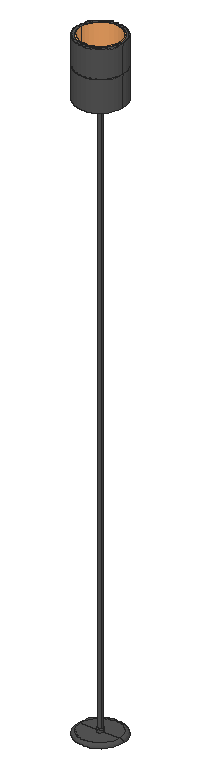
Revit family "MELO CYLINDER PENDANT LIGHT", category Lighting Fixtures, host Face, Revit 2020 (continued)
Types (16): name | Wattage_Input | Wattage Comments | Wattage | Voltage_Input | Size 08 | Size 06 | Size 04 | Selectable Wattage | Photometric Web File | Pendent Rod Length_1 | Pendent | Order number | built-in parameter 1150142 | Model | built-in parameter 1150105 | Lumens | built-in parameter 1150106 | Fixture Diameter | Canopy for Surface Mount J-box | Canopy for Recessed J-Box | Canopy Height | C2 H | C1 H | BEAMING ANGLE
     0.03     0.03     \r\n 0.03     0.03     0.03     0.03     0.03     0.03     0.03     0.03     0.06     0.07     \r\n 0.07     0.07     0.07     0.09     0.08     0.08     0.08     0.08     0.08     0.08     \r\n 0.08     0.08     0.10     0.10     0.12     0.17     0.16     0.16     0.17     0.20     \r\n 0.21     0.24     0.29     0.32     0.37     0.44     0.47     0.53     0.62     0.73     \r\n 0.81     0.91     1.03     1.20     1.31     1.48     1.63     1.78     1.97     2.16     \r\n 2.36     2.59     2.81     3.03     3.27     3.51     3.77     4.00     4.22     4.47     \r\n 4.72     4.95     5.20     5.41     5.63     5.86     6.08     6.29     6.48     6.70     \r\n 6.90     7.09     7.28     7.44     7.59     7.73     7.87     7.97     8.06     8.11     \r\n 8.15     \r\n4490.57  4498.02  4496.02  4484.53  4460.76  4425.12  4374.81  4308.79  4218.59  4113.49  \r\n 3993.63  3849.77  3692.78  3532.37  3359.33  3185.24  3000.29  2796.28  2581.28  2360.39  \r\n 2134.42  1922.59  1721.37  1529.06  1355.91  1194.00  1050.55  918.63   804.78   703.83   \r\n 615.94   537.70   467.05   402.53   345.68   294.11   242.61   198.35   156.97   123.89   \r\n 99.04    82.80    70.66    59.95    48.20    40.46    34.44    29.54    26.29    25.44    \r\n 24.69    24.02    23.26    22.45    21.53    20.73    19.87    19.03    18.15    17.35    \r\n 16.59    15.82    15.06    14.30    13.56    12.83    12.11    11.41    10.73    10.06    \r\n 9.40     8.76     8.12     7.50     6.90     6.32     5.75     5.18     4.65     4.11     \r\n 3.59     3.09     2.60     2.12     1.66     1.22     0.79     0.37     0.06     0.01     \r\n 0.01     0.01     0.01     0.03     0.02     0.02     0.03     0.04     0.04     0.05     \r\n 0.04     0.04     0.04     0.04     0.05     0.05     0.06     0.06     0.07     0.07     \r\n 0.07     0.08     0.08     0.08     0.09     0.09     0.09     0.09     0.09     0.11     \r\n 0.11     0.12     0.13     0.14     0.15     0.16     0.18     0.20     0.21     0.23     \r\n 0.26     0.29     0.33     0.36     0.41     0.46     0.52     0.59     0.66     0.75     \r\n 0.85     0.95     1.08     1.20     1.35     1.50     1.67     1.83     2.01     2.21     \r\n 2.42     2.64     2.86     3.08     3.31     3.55     3.80     4.04     4.29     4.56     \r\n 4.81     5.02     5.23     5.46     5.68     5.90     6.12     6.34     6.54     6.75     \r\n 6.96     7.16     7.35     7.52     7.69     7.84     7.97     8.08     8.17     8.21     \r\n 8.15     \r\n4490.57  4494.89  4489.76  4474.23  4446.88  4404.06  4347.90  4271.92  4181.23  4067.90  \r\n 3944.05  3798.06  3636.40  3468.51  3291.19  3105.80  2908.69  2700.18  2478.91  2253.30  \r\n 2038.42  1826.94  1636.11  1448.28  1287.40  1126.74  993.54   866.09   761.74   662.16   \r\n 579.62   506.41   439.09   377.88   322.03   273.81   224.94   184.39   147.89   111.42   \r\n 93.07    77.51    67.05    55.83    44.72    38.31    32.62    28.41    26.19    25.32    \r\n 24.47    23.70    22.90    22.16    21.45    20.50    19.59    18.67    17.85    17.04    \r\n 16.30    15.46    14.73    14.03    13.25    12.57    11.79    11.14    10.49    9.83     \r\n 9.15     8.51     7.91     7.29     6.70     6.11     5.57     5.00     4.48     3.89     \r\n 3.40     2.94     2.44     1.96     1.47     1.06     0.65     0.26     0.05     0.03     \r\n 0.02     0.02     0.02     0.02     0.02     0.02     0.02     0.02     0.02     0.02     \r\n 0.02     0.02     0.02     0.02     0.02     0.02     0.02     0.02     0.02     0.02     \r\n 0.04     0.06     0.06     0.07     0.07     0.07     0.07     0.07     0.07     0.07     \r\n 0.07     0.08     0.09     0.10     0.15     0.16     0.16     0.16     0.19     0.22     \r\n 0.23     0.30     0.31     0.34     0.38     0.44     0.51     0.58     0.66     0.74     \r\n 0.84     0.95     1.09     1.22     1.37     1.54     1.69     1.87     2.06     2.26     \r\n 2.47     2.69     2.91     3.14     3.37     3.66     3.97     4.19     4.39     4.61     \r\n 4.80     5.04     5.27     5.49     5.72     5.92     6.16     6.35     6.56     6.77     \r\n 6.97     7.16     7.35     7.52     7.68     7.82     7.96     8.06     8.14     8.21     \r\n 8.15     \r\n4490.57  4491.88  4483.74  4467.47  4436.53  4391.83  4331.06  4256.47  4162.33  4049.49  \r\n 3921.97  3779.26  3618.12  3441.90  3258.11  3066.24  2874.10  2660.83  2440.92  2221.37  \r\n 2004.75  1798.81  1606.57  1420.08  1257.09  1103.02  968.26   845.43   739.29   646.38   \r\n 564.32   492.58   426.46   367.17   313.84   265.39   217.03   176.21   139.37   111.27   \r\n 91.15    77.11    66.12    55.12    44.81    37.83    32.57    28.22    26.21    25.37    \r\n 24.57    23.80    22.99    22.15    21.40    20.50    19.67    18.74    17.93    17.14    \r\n 16.36    15.60    14.84    14.09    13.36    12.63    11.91    11.22    10.54    9.88     \r\n 9.21     8.58     7.94     7.32     6.72     6.14     5.58     5.01     4.47     3.93     \r\n 3.42     2.91     2.42     1.93     1.48     1.04     0.61     0.21     0.02     0.02     \r\n 0.02     0.02     0.02     0.03     0.03     0.03     0.03     0.04     0.04     0.04     \r\n 0.04     0.04     0.04     0.05     0.05     0.06     0.06     0.06     0.07     0.07     \r\n 0.07     0.08     0.08     0.09     0.10     0.11     0.10     0.10     0.11     0.11     \r\n 0.11     0.12     0.13     0.14     0.15     0.17     0.18     0.20     0.22     0.24     \r\n 0.28     0.30     0.34     0.38     0.43     0.48     0.55     0.62     0.70     0.79     \r\n 0.89     1.01     1.13     1.26     1.42     1.58     1.74     1.92     2.11     2.31     \r\n 2.52     2.74     2.96     3.19     3.42     3.69     3.90     4.14     4.38     4.63     \r\n 4.87     5.11     5.33     5.56     5.78     6.00     6.23     6.44     6.64     6.83     \r\n 7.02     7.20     7.39     7.56     7.72     7.86     7.98     8.09     8.17     8.21     \r\n 8.15     \r\n4490.57  4488.28  4474.15  4450.52  4416.94  4361.78  4305.38  4207.64  4121.26  3990.35  \r\n 3857.15  3715.95  3530.49  3366.76  3168.40  2983.89  2772.29  2553.81  2357.34  2130.08  \r\n 1932.13  1707.66  1519.62  1357.82  1196.24  1053.34  917.23   804.74   700.12   611.19   \r\n 530.26   465.33   400.04   346.48   291.50   245.43   204.45   164.64   133.79   103.01   \r\n 88.09    73.82    63.67    52.72    43.05    36.81    31.61    27.71    26.16    25.37    \r\n 24.58    23.80    22.96    22.18    21.24    20.51    19.64    18.72    17.93    17.13    \r\n 16.37    15.57    14.83    14.07    13.35    12.60    11.86    11.21    10.53    9.88     \r\n 9.16     8.51     7.93     7.31     6.70     6.12     5.56     4.98     4.43     3.87     \r\n 3.37     2.86     2.37     1.87     1.39     1.01     0.52     0.17     0.04     0.03     \r\n 0.03     0.03     0.03     0.03     0.03     0.03     0.03     0.03     0.03     0.03     \r\n 0.03     0.03     0.03     0.03     0.03     0.03     0.03     0.03     0.04     0.05     \r\n 0.05     0.05     0.06     0.06     0.07     0.07     0.07     0.07     0.07     0.07     \r\n 0.07     0.08     0.10     0.10     0.13     0.14     0.15     0.16     0.20     0.23     \r\n 0.24     0.28     0.30     0.38     0.41     0.46     0.54     0.61     0.69     0.84     \r\n 0.91     1.03     1.16     1.32     1.46     1.60     1.79     1.95     2.16     2.38     \r\n 2.58     2.79     3.05     3.26     3.50     3.74     3.98     4.23     4.47     4.69     \r\n 4.94     5.17     5.39     5.61     5.84     6.06     6.29     6.48     6.72     6.88     \r\n 7.07     7.24     7.41     7.56     7.70     7.84     7.98     8.07     8.13     8.16     \r\n 8.15     \r\n4490.57  4484.77  4469.49  4445.61  4407.99  4357.94  4288.04  4204.80  4103.36  3982.23  \r\n 3845.00  3694.47  3529.64  3345.05  3155.06  2964.94  2765.33  2558.72  2346.09  2131.60  \r\n 1918.84  1716.60  1530.13  1350.71  1190.04  1038.69  908.86   790.34   689.13   599.99   \r\n 523.73   457.15   395.64   340.32   291.63   243.02   201.58   164.01   131.12   106.13   \r\n 88.35    75.01    64.69    53.82    44.32    37.62    32.40    28.32    26.53    25.78    \r\n 25.05    24.27    23.42    22.69    21.90    20.86    20.01    19.09    18.29    17.48    \r\n 16.70    15.93    15.15    14.40    13.65    12.91    12.19    11.47    10.79    10.11    \r\n 9.44     8.80     8.14     7.51     6.89     6.30     5.72     5.14     4.58     4.03     \r\n 3.50     2.97     2.47     1.97     1.51     1.05     0.59     0.19     0.02     0.02     \r\n 0.02     0.02     0.02     0.02     0.02     0.02     0.03     0.03     0.04     0.04     \r\n 0.04     0.05     0.05     0.05     0.05     0.05     0.05     0.06     0.06     0.07     \r\n 0.07     0.07     0.07     0.07     0.08     0.09     0.09     0.10     0.10     0.11     \r\n 0.11     0.13     0.14     0.14     0.15     0.18     0.18     0.20     0.23     0.25     \r\n 0.29     0.31     0.36     0.40     0.45     0.51     0.58     0.65     0.73     0.84     \r\n 0.94     1.06     1.20     1.34     1.49     1.66     1.83     2.01     2.21     2.42     \r\n 2.63     2.85     3.09     3.31     3.56     3.80     4.04     4.30     4.53     4.78     \r\n 5.01     5.25     5.48     5.71     5.93     6.14     6.35     6.55     6.76     6.96     \r\n 7.15     7.32     7.48     7.63     7.77     7.90     8.00     8.08     8.13     8.16     \r\n 8.15     \r\n4490.57  4482.54  4459.85  4430.45  4390.15  4327.31  4266.48  4159.56  4070.08  3927.10  \r\n 3792.58  3635.54  3455.68  3291.66  3079.21  2904.58  2687.91  2481.16  2294.27  2060.04  \r\n 1875.26  1650.92  1478.03  1310.58  1143.18  1008.53  869.60   758.64   666.03   576.16   \r\n 502.62   441.97   379.08   329.73   277.23   233.85   198.08   160.07   130.85   101.70   \r\n 86.72    73.57    63.78    53.92    44.10    37.87    32.52    28.58    26.59    25.72    \r\n 24.99    24.25    23.51    22.83    22.01    21.13    20.26    19.33    18.49    17.71    \r\n 16.93    16.11    15.36    14.60    13.84    13.10    12.32    11.64    10.97    10.30    \r\n 9.58     8.88     8.28     7.64     7.02     6.42     5.83     5.24     4.68     4.10     \r\n 3.59     3.04     2.54     2.01     1.52     1.10     0.62     0.22     0.05     0.04     \r\n 0.03     0.03     0.03     0.03     0.03     0.03     0.03     0.03     0.03     0.03     \r\n 0.03     0.03     0.04     0.04     0.04     0.04     0.04     0.04     0.04     0.04     \r\n 0.04     0.05     0.05     0.07     0.07     0.07     0.07     0.07     0.08     0.08     \r\n 0.08     0.08     0.10     0.16     0.16     0.15     0.15     0.16     0.23     0.23     \r\n 0.24     0.29     0.32     0.37     0.44     0.50     0.56     0.64     0.75     0.82     \r\n 0.93     1.06     1.19     1.34     1.50     1.65     1.86     2.03     2.25     2.46     \r\n 2.68     2.92     3.11     3.36     3.59     3.83     4.09     4.32     4.57     4.81     \r\n 5.08     5.29     5.52     5.74     5.97     6.19     6.38     6.58     6.79     6.99     \r\n 7.17     7.36     7.53     7.67     7.78     7.93     7.99     8.06     8.11     8.16     \r\n 8.15     \r\n4490.57  4477.15  4454.27  4424.65  4381.26  4325.93  4253.08  4168.24  4062.86  3939.58  \r\n 3796.87  3639.44  3468.20  3280.97  3092.71  2904.40  2710.82  2512.66  2310.01  2103.82  \r\n 1895.01  1695.54  1508.54  1328.40  1167.44  1014.36  884.71   765.46   666.49   578.92   \r\n 505.81   440.84   383.27   329.37   283.60   237.91   199.36   164.33   132.58   107.47   \r\n 88.52    75.51    65.49    56.26    46.39    39.73    34.24    29.88    27.09    26.25    \r\n 25.52    24.80    24.01    23.18    22.34    21.62    20.79    19.90    19.02    18.22    \r\n 17.43    16.63    15.87    15.08    14.32    13.56    12.81    12.08    11.36    10.67    \r\n 9.99     9.30     8.63     7.98     7.35     6.72     6.13     5.52     4.95     4.36     \r\n 3.82     3.27     2.75     2.23     1.73     1.26     0.79     0.34     0.03     0.02     \r\n 0.02     0.02     0.03     0.03     0.03     0.03     0.03     0.03     0.03     0.04     \r\n 0.04     0.04     0.04     0.04     0.04     0.05     0.05     0.06     0.06     0.06     \r\n 0.07     0.07     0.07     0.07     0.07     0.08     0.09     0.09     0.10     0.11     \r\n 0.11     0.12     0.13     0.14     0.15     0.18     0.18     0.21     0.22     0.26     \r\n 0.28     0.32     0.36     0.41     0.46     0.52     0.59     0.67     0.75     0.86     \r\n 0.97     1.09     1.22     1.37     1.52     1.70     1.86     2.05     2.25     2.46     \r\n 2.68     2.90     3.13     3.36     3.61     3.85     4.09     4.33     4.57     4.81     \r\n 5.05     5.28     5.51     5.73     5.96     6.18     6.39     6.59     6.79     6.98     \r\n 7.17     7.36     7.52     7.68     7.82     7.94     8.05     8.13     8.16     8.16     \r\n 8.15     \r\n4490.57  4474.93  4446.96  4413.22  4370.00  4307.04  4237.65  4144.15  4041.94  3922.21  \r\n 3769.78  3616.60  3430.38  3244.35  3051.25  2871.79  2669.37  2479.89  2277.82  2079.39  \r\n 1872.99  1677.36  1489.84  1320.71  1151.74  997.15   866.06   748.81   649.86   564.25   \r\n 492.49   428.70   373.63   320.54   275.35   233.72   196.93   163.63   135.50   107.41   \r\n 88.62    75.77    65.81    57.22    47.66    40.64    35.21    30.77    27.65    26.58    \r\n 25.74    25.01    24.23    23.50    22.71    21.92    21.06    20.28    19.39    18.57    \r\n 17.79    16.96    16.16    15.43    14.65    13.86    13.06    12.36    11.67    10.98    \r\n 10.23    9.53     8.90     8.25     7.60     6.95     6.35     5.74     5.15     4.55     \r\n 4.02     3.45     2.94     2.37     1.84     1.40     0.92     0.46     0.11     0.03     \r\n 0.02     0.02     0.02     0.02     0.02     0.02     0.02     0.02     0.02     0.02     \r\n 0.02     0.02     0.02     0.02     0.02     0.02     0.02     0.02     0.02     0.02     \r\n 0.03     0.04     0.08     0.08     0.08     0.08     0.08     0.08     0.08     0.08     \r\n 0.08     0.08     0.08     0.09     0.11     0.14     0.15     0.16     0.20     0.22     \r\n 0.25     0.31     0.33     0.38     0.43     0.50     0.61     0.68     0.76     0.83     \r\n 0.96     1.07     1.21     1.35     1.52     1.67     1.86     2.06     2.26     2.47     \r\n 2.69     2.92     3.14     3.39     3.63     3.89     4.10     4.34     4.58     4.81     \r\n 5.06     5.27     5.49     5.70     5.93     6.14     6.36     6.53     6.74     6.92     \r\n 7.11     7.29     7.44     7.61     7.74     7.86     8.00     8.07     8.12     8.15     \r\n 8.15     \r\n4490.57  4472.38  4445.18  4410.79  4365.91  4308.20  4239.04  4156.97  4057.13  3938.44  \r\n 3799.80  3644.88  3465.33  3271.75  3085.25  2898.73  2710.33  2518.30  2322.02  2120.78  \r\n 1915.76  1714.14  1523.92  1338.71  1171.55  1014.25  878.71   760.04   659.14   570.90   \r\n 498.50   434.19   378.25   326.33   282.07   237.90   201.09   168.88   138.71   113.68   \r\n 93.12    79.20    68.71    60.28    51.30    43.10    37.16    32.47    28.62    26.95    \r\n 26.14    25.43    24.71    23.94    23.19    22.43    21.69    20.88    20.03    19.17    \r\n 18.38    17.57    16.77    16.00    15.21    14.43    13.66    12.92    12.18    11.45    \r\n 10.74    10.06    9.35     8.69     8.01     7.38     6.74     6.13     5.52     4.92     \r\n 4.34     3.78     3.23     2.68     2.16     1.65     1.16     0.68     0.22     0.02     \r\n 0.02     0.02     0.02     0.02     0.02     0.02     0.04     0.03     0.04     0.04     \r\n 0.04     0.04     0.04     0.04     0.04     0.05     0.06     0.06     0.06     0.06     \r\n 0.07     0.07     0.07     0.07     0.08     0.08     0.08     0.09     0.09     0.10     \r\n 0.11     0.11     0.13     0.13     0.15     0.15     0.18     0.20     0.22     0.25     \r\n 0.28     0.32     0.35     0.41     0.46     0.53     0.58     0.67     0.76     0.85     \r\n 0.97     1.09     1.22     1.36     1.52     1.69     1.86     2.05     2.25     2.46     \r\n 2.68     2.90     3.14     3.37     3.63     3.86     4.11     4.35     4.61     4.83     \r\n 5.07     5.30     5.52     5.72     5.92     6.13     6.33     6.52     6.71     6.90     \r\n 7.08     7.27     7.44     7.59     7.72     7.85     7.97     8.05     8.10     8.13     \r\n 8.15     \r\n4490.57  4468.76  4440.70  4402.67  4357.47  4300.08  4232
    .54  4148.38  4054.15  3932.93  \r\n 3798.71  3636.98  3451.40  3258.06  3073.16  2888.81  2700.24  2511.61  2315.42  2114.44  \r\n 1912.94  1708.14  1517.47  1340.46  1163.56  1005.43  873.22   753.41   654.46   567.21   \r\n 495.75   430.91   375.66   324.75   279.07   239.12   203.23   171.32   143.57   115.85   \r\n 95.33    80.69    69.98    61.72    53.40    44.60    38.59    33.59    29.43    27.20    \r\n 26.29    25.51    24.80    24.11    23.47    22.81    22.06    21.25    20.45    19.57    \r\n 18.76    17.92    17.13    16.34    15.57    14.77    13.96    13.23    12.52    11.80    \r\n 11.05    10.33    9.67     8.98     8.32     7.65     7.03     6.39     5.79     5.13     \r\n 4.54     4.02     3.45     2.89     2.31     1.81     1.36     0.85     0.38     0.07     \r\n 0.04     0.03     0.03     0.03     0.03     0.02     0.02     0.02     0.02     0.02     \r\n 0.02     0.02     0.02     0.02     0.02     0.02     0.02     0.02     0.02     0.02     \r\n 0.03     0.03     0.04     0.05     0.06     0.07     0.09     0.09     0.09     0.09     \r\n 0.09     0.09     0.09     0.09     0.12     0.15     0.15     0.15     0.17     0.23     \r\n 0.24     0.31     0.31     0.37     0.43     0.47     0.55     0.63     0.74     0.82     \r\n 0.93     1.05     1.19     1.35     1.50     1.66     1.85     2.03     2.24     2.45     \r\n 2.65     2.89     3.12     3.36     3.59     3.86     4.10     4.34     4.58     4.82     \r\n 5.07     5.30     5.51     5.73     5.95     6.15     6.35     6.52     6.70     6.88     \r\n 7.05     7.23     7.38     7.53     7.66     7.79     7.94     8.03     8.12     8.11     \r\n 8.15     \r\n4490.57  4470.40  4439.85  4401.27  4358.39  4303.49  4236.20  4158.98  4067.20  3952.86  \r\n 3818.68  3645.58  3465.03  3293.27  3101.54  2925.94  2740.27  2559.11  2363.11  2164.13  \r\n 1958.59  1755.30  1556.24  1376.47  1196.93  1038.60  897.24   776.00   670.88   581.89   \r\n 507.48   442.66   385.05   335.77   288.82   247.97   211.65   179.44   149.98   123.26   \r\n 101.53   85.51    73.65    64.93    56.75    47.78    41.36    35.82    31.22    28.00    \r\n 26.94    26.17    25.46    24.68    23.91    23.24    22.62    21.90    21.13    20.25    \r\n 19.43    18.62    17.81    17.00    16.18    15.40    14.62    13.84    13.09    12.33    \r\n 11.58    10.86    10.16    9.46     8.80     8.13     7.46     6.80     6.17     5.56     \r\n 4.95     4.35     3.78     3.21     2.66     2.12     1.61     1.09     0.60     0.17     \r\n 0.04     0.04     0.04     0.03     0.03     0.03     0.03     0.03     0.03     0.03     \r\n 0.03     0.03     0.03     0.03     0.03     0.03     0.03     0.03     0.03     0.03     \r\n 0.04     0.08     0.09     0.08     0.08     0.08     0.08     0.08     0.08     0.08     \r\n 0.08     0.08     0.08     0.09     0.11     0.16     0.15     0.15     0.17     0.22     \r\n 0.24     0.26     0.30     0.37     0.39     0.45     0.51     0.59     0.67     0.77     \r\n 0.90     0.99     1.10     1.24     1.39     1.54     1.70     1.88     2.07     2.30     \r\n 2.47     2.68     2.91     3.14     3.41     3.62     3.86     4.10     4.36     4.59     \r\n 4.82     5.05     5.28     5.50     5.71     5.94     6.16     6.36     6.55     6.75     \r\n 6.92     7.11     7.29     7.45     7.59     7.74     7.88     7.97     8.06     8.12     \r\n 8.15     \r\n4490.57  4470.72  4447.42  4404.10  4369.44  4311.42  4255.57  4181.36  4094.21  3993.82  \r\n 3845.74  3706.43  3496.06  3349.51  3170.33  2990.90  2785.34  2619.62  2426.08  2227.49  \r\n 2047.95  1810.69  1637.85  1426.20  1255.43  1098.63  934.96   825.45   697.11   617.00   \r\n 527.04   465.43   403.28   350.33   303.41   256.62   224.22   186.13   161.47   130.32   \r\n 110.49   90.42    77.94    68.63    59.96    52.43    43.48    38.35    33.36    29.14    \r\n 27.44    26.54    25.93    25.11    24.47    23.63    23.04    22.26    21.61    20.76    \r\n 19.93    19.18    18.25    17.57    16.65    15.93    15.09    14.34    13.56    12.79    \r\n 12.06    11.30    10.64    9.87     9.25     8.48     7.86     7.15     6.56     5.91     \r\n 5.30     4.68     4.11     3.55     2.95     2.42     1.87     1.36     0.87     0.35     \r\n 0.02     0.02     0.02     0.02     0.03     0.04     0.03     0.03     0.04     0.04     \r\n 0.04     0.04     0.05     0.05     0.05     0.05     0.05     0.06     0.06     0.06     \r\n 0.06     0.07     0.07     0.07     0.07     0.07     0.09     0.10     0.10     0.11     \r\n 0.11     0.11     0.12     0.13     0.14     0.15     0.17     0.19     0.21     0.24     \r\n 0.27     0.30     0.33     0.38     0.42     0.47     0.55     0.61     0.70     0.77     \r\n 0.87     0.97     1.10     1.23     1.38     1.52     1.68     1.85     2.04     2.23     \r\n 2.43     2.65     2.87     3.09     3.32     3.56     3.80     4.05     4.29     4.53     \r\n 4.79     5.02     5.24     5.47     5.69     5.91     6.11     6.31     6.50     6.69     \r\n 6.89     7.08     7.26     7.43     7.59     7.76     7.91     8.02     8.11     8.17     \r\n 8.15     \r\n4490.57  4473.65  4445.41  4409.09  4368.48  4315.80  4252.58  4184.56  4098.27  3981.39  \r\n 3840.32  3660.64  3488.00  3324.33  3142.05  2971.74  2793.61  2620.98  2438.63  2254.74  \r\n 2060.10  1858.32  1655.99  1462.07  1290.51  1119.20  964.60   831.38   717.38   619.50   \r\n 537.76   467.42   406.20   354.79   306.27   263.64   225.53   192.51   162.06   136.44   \r\n 110.88   92.39    78.90    69.44    61.22    52.89    44.77    38.84    34.01    29.68    \r\n 27.75    26.90    26.17    25.46    24.68    24.01    23.32    22.59    21.77    20.97    \r\n 20.09    19.29    18.47    17.66    16.86    16.05    15.28    14.50    13.73    12.96    \r\n 12.22    11.46    10.75    10.05    9.35     8.67     8.00     7.32     6.68     6.06     \r\n 5.45     4.82     4.23     3.65     3.10     2.53     2.00     1.48     0.99     0.49     \r\n 0.11     0.04     0.03     0.03     0.03     0.03     0.03     0.03     0.03     0.03     \r\n 0.03     0.03     0.03     0.03     0.03     0.03     0.03     0.03     0.03     0.03     \r\n 0.03     0.04     0.04     0.04     0.06     0.07     0.08     0.08     0.08     0.08     \r\n 0.08     0.08     0.08     0.09     0.11     0.15     0.15     0.15     0.17     0.20     \r\n 0.21     0.24     0.32     0.33     0.37     0.44     0.50     0.58     0.65     0.75     \r\n 0.82     0.95     1.05     1.20     1.33     1.49     1.64     1.80     1.99     2.17     \r\n 2.39     2.60     2.81     3.04     3.27     3.51     3.74     4.00     4.22     4.46     \r\n 4.69     4.93     5.17     5.40     5.63     5.87     6.06     6.26     6.47     6.65     \r\n 6.85     7.07     7.24     7.42     7.55     7.75     7.87     7.97     8.07     8.13     \r\n 8.15     \r\n4490.57  4478.63  4454.42  4419.84  4380.50  4332.67  4279.07  4211.18  4119.12  4017.60  \r\n 3879.63  3702.90  3550.45  3383.74  3194.70  3026.10  2857.68  2708.56  2518.11  2343.40  \r\n 2160.34  1936.94  1764.00  1544.88  1370.04  1199.30  1020.62  897.95   753.15   663.64   \r\n 565.16   497.04   431.32   373.61   328.24   284.47   240.74   200.67   174.63   141.35   \r\n 120.37   97.54    83.94    72.74    64.07    56.62    46.70    41.44    35.82    31.11    \r\n 28.35    27.30    26.68    25.89    25.32    24.49    23.86    23.06    22.21    21.29    \r\n 20.41    19.64    18.74    18.07    17.15    16.45    15.58    14.84    14.05    13.28    \r\n 12.54    11.77    11.09    10.31    9.68     8.90     8.27     7.57     6.94     6.30     \r\n 5.66     5.04     4.46     3.87     3.31     2.76     2.20     1.71     1.18     0.66     \r\n 0.20     0.02     0.02     0.02     0.02     0.02     0.03     0.03     0.03     0.03     \r\n 0.04     0.04     0.04     0.04     0.04     0.05     0.05     0.05     0.05     0.06     \r\n 0.07     0.06     0.07     0.07     0.07     0.08     0.08     0.09     0.09     0.10     \r\n 0.10     0.11     0.11     0.12     0.14     0.14     0.16     0.18     0.20     0.22     \r\n 0.25     0.28     0.31     0.35     0.40     0.45     0.50     0.57     0.64     0.73     \r\n 0.83     0.92     1.04     1.17     1.30     1.45     1.60     1.76     1.95     2.14     \r\n 2.34     2.54     2.76     2.98     3.22     3.45     3.68     3.92     4.15     4.39     \r\n 4.63     4.87     5.10     5.32     5.55     5.77     5.99     6.22     6.43     6.63     \r\n 6.84     7.04     7.23     7.41     7.59     7.75     7.90     8.03     8.13     8.19     \r\n 8.15     \r\n4490.57  4478.38  4457.17  4427.43  4387.76  4338.28  4277.82  4212.54  4123.35  4009.07  \r\n 3865.48  3710.31  3555.02  3387.08  3226.97  3046.79  2875.78  2714.21  2534.53  2350.41  \r\n 2166.23  1961.00  1763.48  1567.46  1388.05  1208.82  1045.41  903.07   775.89   669.33   \r\n 579.89   503.10   436.99   380.51   329.18   282.43   241.78   206.45   174.10   146.75   \r\n 119.47   99.25    84.31    73.39    64.71    56.24    47.65    41.15    35.96    31.25    \r\n 28.35    27.44    26.76    26.07    25.39    24.64    23.82    23.08    22.11    21.22    \r\n 20.34    19.53    18.71    17.92    17.10    16.31    15.54    14.75    13.98    13.22    \r\n 12.47    11.73    11.01    10.29    9.59     8.90     8.23     7.56     6.91     6.29     \r\n 5.66     5.05     4.46     3.87     3.32     2.75     2.23     1.70     1.21     0.70     \r\n 0.25     0.05     0.04     0.03     0.03     0.03     0.03     0.03     0.03     0.03     \r\n 0.03     0.03     0.03     0.03     0.03     0.03     0.03     0.03     0.03     0.03     \r\n 0.03     0.03     0.03     0.06     0.07     0.07     0.08     0.08     0.08     0.08     \r\n 0.08     0.08     0.08     0.08     0.08     0.11     0.14     0.14     0.15     0.18     \r\n 0.21     0.22     0.28     0.30     0.36     0.40     0.46     0.52     0.60     0.67     \r\n 0.77     0.87     0.99     1.11     1.26     1.40     1.55     1.70     1.89     2.07     \r\n 2.31     2.51     2.69     2.92     3.14     3.40     3.62     3.85     4.09     4.32     \r\n 4.56     4.80     5.06     5.28     5.50     5.72     5.94     6.18     6.37     6.57     \r\n 6.78     7.00     7.23     7.40     7.59     7.76     7.90     7.99     8.07     8.14     \r\n 8.15     \r\n4490.57  4482.94  4470.47  4441.55  4412.42  4360.78  4311.77  4244.28  4159.52  4055.83  \r\n 3908.59  3784.90  3608.94  3478.02  3283.50  3125.43  2967.36  2810.38  2629.72  2439.21  \r\n 2265.04  2030.53  1855.04  1631.54  1449.82  1276.46  1089.46  962.65   811.98   715.98   \r\n 608.94   535.42   463.55   401.14   352.17   304.58   257.02   213.16   185.72   149.96   \r\n 127.59   103.58   88.30    76.45    66.62    58.94    48.71    42.71    36.84    32.00    \r\n 28.72    27.53    26.92    26.08    25.49    24.64    23.98    23.09    22.18    21.26    \r\n 20.38    19.64    18.71    18.05    17.12    16.44    15.56    14.87    14.04    13.32    \r\n 12.55    11.80    11.11    10.34    9.71     8.95     8.31     7.62     6.99     6.37     \r\n 5.71     5.12     4.52     3.96     3.38     2.84     2.29     1.80     1.27     0.80     \r\n 0.30     0.02     0.03     0.03     0.03     0.03     0.03     0.03     0.03     0.03     \r\n 0.03     0.04     0.04     0.05     0.04     0.05     0.05     0.05     0.05     0.06     \r\n 0.06     0.07     0.07     0.07     0.07     0.08     0.09     0.09     0.09     0.09     \r\n 0.09     0.10     0.11     0.12     0.14     0.14     0.16     0.17     0.19     0.21     \r\n 0.23     0.26     0.30     0.33     0.37     0.42     0.48     0.54     0.60     0.68     \r\n 0.78     0.86     0.98     1.10     1.24     1.37     1.52     1.70     1.85     2.05     \r\n 2.24     2.43     2.65     2.87     3.09     3.32     3.56     3.79     4.04     4.27     \r\n 4.51     4.76     5.00     5.23     5.46     5.69     5.92     6.14     6.37     6.57     \r\n 6.79     6.99     7.19     7.36     7.53     7.69     7.84     7.96     8.07     8.16     \r\n 8.15     \r\n4490.57  4486.87  4473.23  4452.43  4417.47  4374.03  4321.96  4260.41  4172.97  4062.24  \r\n 3926.86  3779.00  3637.57  3476.50  3321.32  3148.83  2980.85  2817.14  2637.08  2439.96  \r\n 2250.59  2049.13  1837.68  1643.00  1439.13  1270.90  1103.05  949.71   824.85   708.34   \r\n 615.71   538.03   464.40   406.65   350.01   299.70   256.80   218.41   183.03   152.21   \r\n 124.00   102.82   87.08    75.12    65.93    56.67    47.66    40.98    35.61    30.91    \r\n 27.93    27.05    26.37    25.70    25.02    24.31    23.54    22.82    21.77    20.87    \r\n 20.00    19.20    18.41    17.60    16.82    16.04    15.26    14.50    13.73    12.97    \r\n 12.24    11.51    10.81    10.09    9.40     8.73     8.06     7.40     6.77     6.15     \r\n 5.54     4.94     4.37     3.80     3.25     2.71     2.19     1.70     1.20     0.71     \r\n 0.27     0.05     0.04     0.03     0.03     0.03     0.03     0.03     0.03     0.03     \r\n 0.03     0.03     0.03     0.03     0.03     0.03     0.03     0.03     0.03     0.04     \r\n 0.05     0.07     0.07     0.07     0.07     0.07     0.07     0.07     0.07     0.07     \r\n 0.07     0.07     0.07     0.08     0.08     0.10     0.14     0.14     0.14     0.16     \r\n 0.23     0.24     0.25     0.29     0.34     0.37     0.45     0.50     0.56     0.66     \r\n 0.73     0.83     0.95     1.06     1.18     1.33     1.48     1.64     1.82     2.00     \r\n 2.20     2.40     2.61     2.84     3.05     3.29     3.52     3.75     4.00     4.22     \r\n 4.46     4.70     4.92     5.15     5.38     5.61     5.84     6.06     6.29     6.49     \r\n 6.70     6.89     7.09     7.25     7.42     7.62     7.75     7.89     7.99     8.07     \r\n 8.15     \r\n" | "MELO04R-SP30801-10D-36-GD-BK" | 206.9 (stored number, unit not read) | 2600 lm | 2.069 (stored number, unit not read) | 0' - 3 115/128" | yes | no | 0' - 1 1/2" | 0' - 2.3" | 0' - 2.6" | 36.00°
  MELO04R-SP30801-10D-90-GD-BK | 25 W | "25W/18W/12W" | 17.5035 W | 0 V | no | no | yes | 25 W | "generic" | 4' - 0" | yes | "17293" | (empty or 0) | "MELO04R-SP30801-10D-90-GD-BK" | 206.9 (stored number, unit not read) | 2600 lm | 2.069 (stored number, unit not read) | 0' - 3 115/128" | no | yes | 0' - 0 1/2" | 0' - 2.3" | 0' - 2.6" | 90.00°
